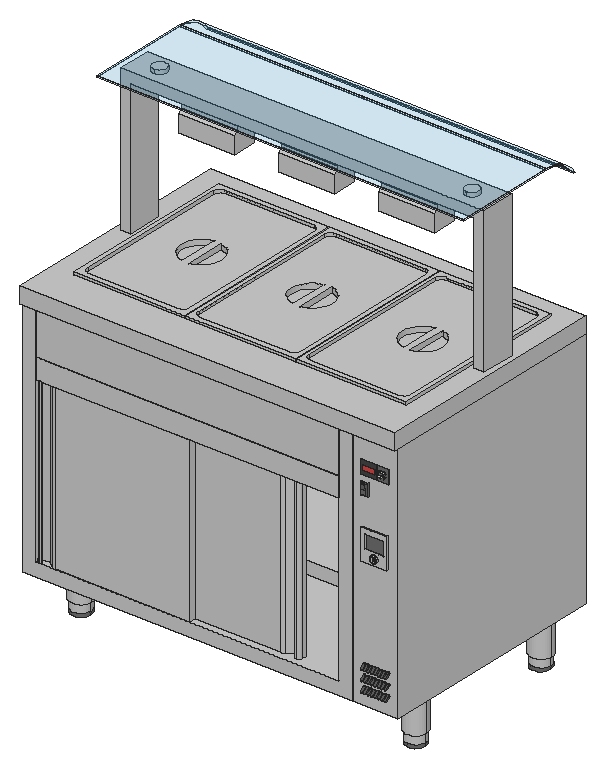
Revit family "QF_INOMAK_MJV711_250606095225", category Specialty Equipment, Revit 2021
Family settings
  Round Connector Dimension = Use Diameter
  Part Type = Normal
  OmniClass Number = 23.40.40.14
  OmniClass Title = Food Service Equipment
  Work Plane-Based = No
  Always vertical = Yes
  Cut with Voids When Loaded = No
  Shared = No
  Room Calculation Point = No
Parameters (values of type "MJV711")
  Weight [instance] = 69.0005 kg
  Waste Water Discharge Temperature [instance] = 0 °C
  Waste Remarks [instance] = ""
  Warranty Start Date [instance] = ""
  Warranty Duration [instance] = ""
  Volts [instance] = 400 V
  Volt Free Conn [instance] = no
  URL Recommended Spares List [instance] = ""
  URL Manufacturer [instance] = ""
  URL Cutsheet [instance] = ""
  URL Critical Spares List [instance] = ""
  URL = "www.inomak.com"
  Technical Documentation [instance] = ""
  Tag Number [instance] = ""
  Status [instance] = ""
  Start Up Current [instance] = 0 A
  Specification by User [instance] = ""
  Specification by Manufacturer [instance] = ""
  Sound Level [instance] = ""
  Show Logo [instance] = yes
  Show Clearances [instance] = yes
  Service Life Duration [instance] = ""
  Serial Number [instance] = ""
  Seismic Rating [instance] = ""
  SMACNA No [instance] = ""
  Revision Code [instance] = ""
  Revision [instance] = ""
  Production Year [instance] = ""
  Potential Equalisation [instance] = no
  Point Load [instance] = 0
  Plumbing Remarks [instance] = ""
  Plumbing Connection Type [instance] = ""
  Phase [instance] = 3
  Other Equipment Approvals [instance] = ""
  Operational Current [instance] = 0 A
  Odor Trap Included [instance] = no
  Number of Poles [instance] = 3
  No Load Power Draw [instance] = no
  National Water Regulation Certification [instance] = no
  NAFEM Spec ID Number [instance] = ""
  Model Warning [instance] = ""
  Model = "MJV711"
  Min Ckt Ampacity [instance] = 0 A
  Max Overcurrent Protection [instance] = 25 A
  Masterspec [instance] = ""
  Manufacturer = "INOMAK"
  Main switch integrated [instance] = no
  Length Actual [instance] = 1102.106 mm
  Item Number [instance] = ""
  Installed By [instance] = ""
  Installation Date [instance] = ""
  Indirect Waste Size [instance] = 25.4 mm
  Indirect Waste Remarks [instance] = ""
  Indirect Waste Flow [instance] = 0.0 L/s
  Indirect Waste Connection Type [instance] = ""
  Indirect Waste Connection Height [instance] = 0 mm
  Identify Quantity as Lot [instance] = no
  ID [instance] = ""
  Hygiene Approval [instance] = ""
  Height Actual [instance] = 1312.926 mm
  HP power [instance] = ""
  Furnished By [instance] = ""
  Foodservice Equipment Identifier [instance] = no
  FL Amps [instance] = 18.5 A
  Electrical Remarks [instance] = ""
  Electric power [instance] = 4230 W
  Electric Connection Type [instance] = ""
  Elec Conn RI Height [instance] = 0 mm
  Elec Conn Connection Height [instance] = 0 mm
  ETL Approved [instance] = no
  Direct Waste Water Discharge Temperature [instance] = -273.15 °C
  Direct Waste Size [instance] = 25.4 mm
  Direct Waste RI Height [instance] = 0 mm
  Direct Waste Flow [instance] = 0.0 L/s
  Direct Waste Connection Height [instance] = 0 mm
  Description = "BAIN MARIE ON HEATED CUPBOARD WITH 2 GN PANS CAPACITY AND SINGLE SNEEZE GUARD"
  Depth Actual [instance] = 700.024 mm
  Default Elevation = 0 mm
  Cycle [instance] = 50 Hz
  Cost = 0
  Connection to energy optimisation system [instance] = yes
  Conn Plug [instance] = ""
  Conn Conduit [instance] = no
  Cold Water Temperature Recommended [instance] = 0 °C
  Cold Water Size [instance] = 12.7 mm
  Cold Water Remarks [instance] = ""
  Cold Water RI Height [instance] = 0 mm
  Cold Water Quality [instance] = ""
  Cold Water Minimum Pressure [instance] = 200000.0 Pa
  Cold Water Maximum Pressure [instance] = 600000.0 Pa
  Cold Water Flow [instance] = 0.0 L/s
  Cold Water Connection Type [instance] = ""
  Cold Water Connection Height [instance] = 0 mm
  Centralized building control system with digital interface [instance] = ""
  CSI MasterFormat [instance] = ""
  CE Approved [instance] = no
  Barcode [instance] = 0
  Author [instance] = ""
  Asset Identifier [instance] = ""
  Apparent Power [instance] = 4230 VA
  Accessory [instance] = no
Reference planes
  plane 1 "Center (Front/Back)": y = 0
  plane 2: z = 0
  plane 3 "Center (Left/Right)": x = 0
Forms (mm)
  Extrusion 1, solid, not visible
    sketch origin (110.005, -510.025, 146.007) x (1, 0, 0) y (0, 1, 0)
      loop
        line (-2, 2) -> (-2, -2) -> (2, -2) -> (2, 2) -> (-2, 2)
    from -2 to 2
  Extrusion 2, solid, not visible
    sketch origin (110.005, -510.025, 146.007) x (1, 0, 0) y (0, 1, 0)
      loop
        line (-2, 2) -> (-2, -2) -> (2, -2) -> (2, 2) -> (-2, 2)
    from -2 to 2
  Extrusion 3, solid, not visible
    sketch origin (1055.051, -635.031, 146.007) x (1, 0, 0) y (0, 1, 0)
      loop
        line (-2, 2) -> (-2, -2) -> (2, -2) -> (2, 2) -> (-2, 2)
    from -2 to 2
Dimensions and locks
  locked: nested 2 to Extrusion 1 at 2  (x2)
  locked: nested 3 to Extrusion 2 at 2  (x2)
  locked: nested 4 to Extrusion 3 at 2  (x2)
  aligned and locked: level to plane 2
Nested families
  nested 1: "QF_INOMAK_CUPBOARD_BAIN_MARIES_1105_2920" at (0, 0, 144), type "MJV711"
    with Weight 69.0005 kg, Warranty Start Date "", Warranty Duration "", URL Cutsheet "", Technical Documentation "", Tag Number "", Status "", Specification by User "", Specification by Manufacturer "", Sound Level "", Solid Fuel Type "", Show Logo yes, Show Clearances yes, Service Life Duration "", Serial Number "", Seismic Rating "", SMACNA No "", Revision Code "", Revision "", Production Year "", Point Load 0, Other Equipment Approvals "", NAFEM Spec ID Number "", Model Warning "", Masterspec "", Length Actual 1102.106 mm, Item Number "", Installed By "", Installation Date "", Identify Quantity as Lot yes, ID "", Hygiene Approval "", Height Actual 1312.926 mm, Furnished By "", Foodservice Equipment Identifier yes, ETL Approved yes, Depth Actual 700.024 mm, CSI MasterFormat "", CE Approved yes, Barcode "", Author "", Asset Identifier "", Accessory no
  nested 2: "CONN_POINT_COLDWATER_2D___Generic_Annotation" at (110.005, -510.025, 144.007), type "CONN_POINT_COLDWATER_2D___Generic_Annotation"
    with Onboard connection annotation symbol visibility yes
  nested 3: "CONN_POINT_DRAIN_2D___Generic_Annotation" at (110.005, -510.025, 144.007), type "CONN_POINT_DRAIN_2D___Generic_Annotation"
    with Onboard connection annotation symbol visibility yes
  nested 4: "CONN_POINT_ELE_2D___Generic_Annotation" at (1055.051, -635.031, 144.007), type "CONN_POINT_ELE_2D___Generic_Annotation"
    with Onboard connection annotation symbol visibility yes
  nested 5: "QF_INOMAK_HEAT_WORKTOPS_HTSS_1080_4995" at (11, 0, 900), type "HTSS-1080-630"
    with Weight 0.00 kg, Warranty Start Date "", Warranty Duration "", URL Cutsheet "", Technical Documentation "", Tag Number "", Status "", Specification by User "", Specification by Manufacturer "", Sound Level "", Solid Fuel Type "", Show Logo yes, Show Clearances yes, Service Life Duration "", Serial Number "", Seismic Rating "", SMACNA No "", Revision Code "", Revision "", Production Year "", Point Load 0, Other Equipment Approvals "", NAFEM Spec ID Number "", Model Warning "", Masterspec "", Length Actual 1077.976 mm, Item Number "", Installed By "", Installation Date "", Identify Quantity as Lot yes, ID "", Hygiene Approval "", Height Actual 439.928 mm, Furnished By "", Foodservice Equipment Identifier yes, ETL Approved yes, Depth Actual 628.904 mm, CSI MasterFormat "", CE Approved yes, Barcode "", Author "", Asset Identifier "", Accessory yes
  nested 6: "QF_INOMAK_LEGS_6018" at (0, 0, 0), type "LG-1105-700"
    with Weight 0.00 kg, Warranty Start Date "", Warranty Duration "", URL Cutsheet "", Technical Documentation "", Tag Number "", Status "", Specification by User "", Specification by Manufacturer "", Sound Level "", Solid Fuel Type "", Show Logo yes, Show Clearances yes, Service Life Duration "", Serial Number "", Seismic Rating "", SMACNA No "", Revision Code "", Revision "", Production Year "", Point Load 0, Other Equipment Approvals "", NAFEM Spec ID Number "", Model Warning "", Masterspec "", Length Actual 1102.868 mm, Item Number "", Installed By "", Installation Date "", Identify Quantity as Lot yes, ID "", Hygiene Approval "", Height Actual 144.018 mm, Furnished By "", Foodservice Equipment Identifier yes, ETL Approved yes, Depth Actual 700.024 mm, CSI MasterFormat "", CE Approved yes, Barcode "", Author "", Asset Identifier "", Accessory yes
Connectors
  piping at (110.005, -510.025, 144.007), diameter 12.7, driven by "Cold Water Size", driven by "Cold Water Flow"
    settings: on Extrusion 1, index 1, connector inside diameter 609.6 mm, connector length 0 mm, flow factor 0, pipe flow 0.0 L/s, pressure drop 0.0 Pa, fitting loss kfactor 0, connector angle 0.00°, fixture units 0, engagement length 0 mm, angle of deflection 0.00°, flow configuration 1, flow direction 1, fitting loss method 0, system type 20, joint type 0, gender type 0, connector reference index -1, connector utility 0, adjustable connector no, is connector primary yes, connector description "Cold Water connection for MJV711"
  piping at (110.005, -510.025, 144.007), diameter 25.4, driven by "Indirect Waste Size", driven by "Direct Waste Flow"
    settings: on Extrusion 2, index 2, connector inside diameter 609.6 mm, connector length 0 mm, flow factor 0, pipe flow 0.0 L/s, pressure drop 0.0 Pa, fitting loss kfactor 0, connector angle 0.00°, fixture units 0, engagement length 0 mm, angle of deflection 0.00°, flow configuration 1, flow direction 2, fitting loss method 0, system type 16, joint type 0, gender type 0, connector reference index -1, connector utility 0, adjustable connector no, is connector primary no, connector description "Waste connection for MJV711"
  electrical at (1055.051, -635.031, 144.007), driven by "Apparent Power", driven by "Number of Poles", driven by "Volts"
    settings: on Extrusion 3, index 3, voltage 400 V, apparent load 0 VA, apparent load phase1 4230 VA, apparent load phase2 0 VA, apparent load phase3 0 VA, power factor 1, load classification "Other", number of poles 3, system type 31, power factor state 1, is connector primary yes, connector utility no, sub classification motor no, connector description "Electrical connection for MJV711"
Definition of nested family "QF_INOMAK_CUPBOARD_BAIN_MARIES_1105_2920"
  Parameters (values of type "MFV711")
    Weight [instance] = 0.00 kg
    Warranty Start Date [instance] = ""
    Warranty Duration [instance] = ""
    URL Cutsheet [instance] = ""
    URL = "www.inomak.com"
    Technical Documentation [instance] = ""
    Tag Number [instance] = ""
    Status [instance] = ""
    Specification by User [instance] = ""
    Specification by Manufacturer [instance] = ""
    Sound Level [instance] = ""
    Solid Fuel Type [instance] = ""
    Show Logo [instance] = yes
    Show Clearances [instance] = yes
    Service Life Duration [instance] = ""
    Serial Number [instance] = ""
    Seismic Rating [instance] = ""
    SMACNA No [instance] = ""
    Revision Code [instance] = ""
    Revision [instance] = ""
    Production Year [instance] = ""
    Point Load [instance] = 0
    Other Equipment Approvals [instance] = ""
    NAFEM Spec ID Number [instance] = ""
    Model Warning [instance] = ""
    Model = "MFV711"
    Masterspec [instance] = ""
    Manufacturer = "INOMAK"
    Length Actual [instance] = 0 mm
    Item Number [instance] = ""
    Installed By [instance] = ""
    Installation Date [instance] = ""
    Identify Quantity as Lot [instance] = yes
    ID [instance] = ""
    Hygiene Approval [instance] = ""
    Height Actual [instance] = 0 mm
    Furnished By [instance] = ""
    Foodservice Equipment Identifier [instance] = yes
    ETL Approved [instance] = yes
    Description = "BAIN MARIE ON CUPBOARD WITH 2 GN PANS CAPACITY AND SHOWCASE"
    Depth Actual [instance] = 0 mm
    Default Elevation = 0 mm
    CSI MasterFormat [instance] = ""
    CE Approved [instance] = yes
    Barcode [instance] = ""
    Author [instance] = ""
    Asset Identifier [instance] = ""
    Assembly Code = "E1090320"
    Accessory [instance] = yes
  Types (10, lengths in mm): name | Model | Description
    MFV711 | "MFV711" | "BAIN MARIE ON CUPBOARD WITH 2 GN PANS CAPACITY AND SHOWCASE"
    MVV711 | "MVV711" | "BAIN MARIE ON CUPBOARD WITH 2 GN PANS CAPACITY AND SINGLE SNEEZE GUARD"
    MFSQ711 | "MFSQ711" | "BAIN MARIE ON CUPBOARD WITH 2 GN PANS CAPACITY AND SQUARE SHOWCASE"
    MHV711 | "MHV711" | "BAIN MARIE ON HEATED CUPBOARD WITH 2 GN PANS CAPACITY"
    MDV711 | "MDV711" | "BAIN MARIE ON CUPBOARD WITH 2 GN PANS CAPACITY"
    MRV711 | "MRV711" | "BAIN MARIE ON CUPBOARD WITH 2 GN PANS CAPACITY AND DOUBLE SNEEZE GUARD"
    MIV711 | "MIV711" | "BAIN MARIE ON HEATED CUPBOARD WITH 2 GN PANS CAPACITY AND SHOWCASE"
    MJV711 | "MJV711" | "BAIN MARIE ON HEATED CUPBOARD WITH 2 GN PANS CAPACITY AND SINGLE SNEEZE GUARD"
    MQV711 | "MQV711" | "BAIN MARIE ON HEATED CUPBOARD WITH 2 GN PANS CAPACITY AND DOUBLE SNEEZE GUARD"
    MISQ711 | "MISQ711" | "BAIN MARIE ON HEATED CUPBOARD WITH 2 GN PANS CAPACITY AND SQUARE SHOWCASE"
  Reference planes
    plane 1 "Back": y = 0
    plane 2: z = 0
    plane 3 "Left": x = 0
    plane 4 "Right": x = 1102
    plane 5 "Front": y = -700
    plane 6 "Top": z = 756
  Forms (mm)
    Extrusion 1, solid
      sketch origin (479.783, -707, -123.631) x (-1, 0, 0) y (0, 0, 1)
        loop
          arc (-522.253, 235.165) -> (-526.351, 236.263) -> (-527.449, 232.165) r 3
          line (-527.449, 232.165) -> (-518.449, 216.577)
          arc (-518.449, 216.577) -> (-514.351, 215.479) -> (-513.253, 219.577) r 3
          line (-513.253, 219.577) -> (-522.253, 235.165)
        loop
          arc (-532.253, 235.165) -> (-536.351, 236.263) -> (-537.449, 232.165) r 3
          line (-537.449, 232.165) -> (-528.449, 216.577)
          arc (-528.449, 216.577) -> (-524.351, 215.479) -> (-523.253, 219.577) r 3
          line (-523.253, 219.577) -> (-532.253, 235.165)
        loop
          arc (-542.253, 235.165) -> (-546.351, 236.263) -> (-547.449, 232.165) r 3
          line (-547.449, 232.165) -> (-538.449, 216.577)
          arc (-538.449, 216.577) -> (-534.351, 215.479) -> (-533.253, 219.577) r 3
          line (-533.253, 219.577) -> (-542.253, 235.165)
        loop
          arc (-552.253, 235.165) -> (-556.351, 236.263) -> (-557.449, 232.165) r 3
          line (-557.449, 232.165) -> (-548.449, 216.577)
          arc (-548.449, 216.577) -> (-544.351, 215.479) -> (-543.253, 219.577) r 3
          line (-543.253, 219.577) -> (-552.253, 235.165)
        loop
          arc (-562.253, 235.165) -> (-566.351, 236.263) -> (-567.449, 232.165) r 3
          line (-567.449, 232.165) -> (-558.449, 216.577)
          arc (-558.449, 216.577) -> (-554.351, 215.479) -> (-553.253, 219.577) r 3
          line (-553.253, 219.577) -> (-562.253, 235.165)
        loop
          arc (-572.253, 235.165) -> (-576.351, 236.263) -> (-577.449, 232.165) r 3
          line (-577.449, 232.165) -> (-568.449, 216.577)
          arc (-568.449, 216.577) -> (-564.351, 215.479) -> (-563.253, 219.577) r 3
          line (-563.253, 219.577) -> (-572.253, 235.165)
        loop
          arc (-582.253, 235.165) -> (-586.351, 236.263) -> (-587.449, 232.165) r 3
          line (-587.449, 232.165) -> (-578.449, 216.577)
          arc (-578.449, 216.577) -> (-574.351, 215.479) -> (-573.253, 219.577) r 3
          line (-573.253, 219.577) -> (-582.253, 235.165)
        loop
          arc (-592.253, 235.165) -> (-596.351, 236.263) -> (-597.449, 232.165) r 3
          line (-597.449, 232.165) -> (-588.449, 216.577)
          arc (-588.449, 216.577) -> (-584.351, 215.479) -> (-583.253, 219.577) r 3
          line (-583.253, 219.577) -> (-592.253, 235.165)
        loop
          arc (-522.253, 205.165) -> (-526.351, 206.263) -> (-527.449, 202.165) r 3
          line (-527.449, 202.165) -> (-518.449, 186.577)
          arc (-518.449, 186.577) -> (-514.351, 185.479) -> (-513.253, 189.577) r 3
          line (-513.253, 189.577) -> (-522.253, 205.165)
        loop
          arc (-532.253, 205.165) -> (-536.351, 206.263) -> (-537.449, 202.165) r 3
          line (-537.449, 202.165) -> (-528.449, 186.577)
          arc (-528.449, 186.577) -> (-524.351, 185.479) -> (-523.253, 189.577) r 3
          line (-523.253, 189.577) -> (-532.253, 205.165)
        loop
          arc (-542.253, 205.165) -> (-546.351, 206.263) -> (-547.449, 202.165) r 3
          line (-547.449, 202.165) -> (-538.449, 186.577)
          arc (-538.449, 186.577) -> (-534.351, 185.479) -> (-533.253, 189.577) r 3
          line (-533.253, 189.577) -> (-542.253, 205.165)
        loop
          arc (-552.253, 205.165) -> (-556.351, 206.263) -> (-557.449, 202.165) r 3
          line (-557.449, 202.165) -> (-548.449, 186.577)
          arc (-548.449, 186.577) -> (-544.351, 185.479) -> (-543.253, 189.577) r 3
          line (-543.253, 189.577) -> (-552.253, 205.165)
        loop
          arc (-562.253, 205.165) -> (-566.351, 206.263) -> (-567.449, 202.165) r 3
          line (-567.449, 202.165) -> (-558.449, 186.577)
          arc (-558.449, 186.577) -> (-554.351, 185.479) -> (-553.253, 189.577) r 3
          line (-553.253, 189.577) -> (-562.253, 205.165)
        loop
          arc (-572.253, 205.165) -> (-576.351, 206.263) -> (-577.449, 202.165) r 3
          line (-577.449, 202.165) -> (-568.449, 186.577)
          arc (-568.449, 186.577) -> (-564.351, 185.479) -> (-563.253, 189.577) r 3
          line (-563.253, 189.577) -> (-572.253, 205.165)
        loop
          arc (-582.253, 205.165) -> (-586.351, 206.263) -> (-587.449, 202.165) r 3
          line (-587.449, 202.165) -> (-578.449, 186.577)
          arc (-578.449, 186.577) -> (-574.351, 185.479) -> (-573.253, 189.577) r 3
          line (-573.253, 189.577) -> (-582.253, 205.165)
        loop
          arc (-592.253, 205.165) -> (-596.351, 206.263) -> (-597.449, 202.165) r 3
          line (-597.449, 202.165) -> (-588.449, 186.577)
          arc (-588.449, 186.577) -> (-584.351, 185.479) -> (-583.253, 189.577) r 3
          line (-583.253, 189.577) -> (-592.253, 205.165)
        loop
          arc (-522.253, 175.165) -> (-526.351, 176.263) -> (-527.449, 172.165) r 3
          line (-527.449, 172.165) -> (-518.449, 156.577)
          arc (-518.449, 156.577) -> (-514.351, 155.479) -> (-513.253, 159.577) r 3
          line (-513.253, 159.577) -> (-522.253, 175.165)
        loop
          arc (-532.253, 175.165) -> (-536.351, 176.263) -> (-537.449, 172.165) r 3
          line (-537.449, 172.165) -> (-528.449, 156.577)
          arc (-528.449, 156.577) -> (-524.351, 155.479) -> (-523.253, 159.577) r 3
          line (-523.253, 159.577) -> (-532.253, 175.165)
        loop
          arc (-542.253, 175.165) -> (-546.351, 176.263) -> (-547.449, 172.165) r 3
          line (-547.449, 172.165) -> (-538.449, 156.577)
          arc (-538.449, 156.577) -> (-534.351, 155.479) -> (-533.253, 159.577) r 3
          line (-533.253, 159.577) -> (-542.253, 175.165)
        loop
          arc (-552.253, 175.165) -> (-556.351, 176.263) -> (-557.449, 172.165) r 3
          line (-557.449, 172.165) -> (-548.449, 156.577)
          arc (-548.449, 156.577) -> (-544.351, 155.479) -> (-543.253, 159.577) r 3
          line (-543.253, 159.577) -> (-552.253, 175.165)
        loop
          arc (-562.253, 175.165) -> (-566.351, 176.263) -> (-567.449, 172.165) r 3
          line (-567.449, 172.165) -> (-558.449, 156.577)
          arc (-558.449, 156.577) -> (-554.351, 155.479) -> (-553.253, 159.577) r 3
          line (-553.253, 159.577) -> (-562.253, 175.165)
        loop
          arc (-572.253, 175.165) -> (-576.351, 176.263) -> (-577.449, 172.165) r 3
          line (-577.449, 172.165) -> (-568.449, 156.577)
          arc (-568.449, 156.577) -> (-564.351, 155.479) -> (-563.253, 159.577) r 3
          line (-563.253, 159.577) -> (-572.253, 175.165)
        loop
          arc (-582.253, 175.165) -> (-586.351, 176.263) -> (-587.449, 172.165) r 3
          line (-587.449, 172.165) -> (-578.449, 156.577)
          arc (-578.449, 156.577) -> (-574.351, 155.479) -> (-573.253, 159.577) r 3
          line (-573.253, 159.577) -> (-582.253, 175.165)
        loop
          arc (-592.253, 175.165) -> (-596.351, 176.263) -> (-597.449, 172.165) r 3
          line (-597.449, 172.165) -> (-588.449, 156.577)
          arc (-588.449, 156.577) -> (-584.351, 155.479) -> (-583.253, 159.577) r 3
          line (-583.253, 159.577) -> (-592.253, 175.165)
      from 16.5 to 18.5
    Extrusion 2, solid
      sketch origin (787.766, -692, 538.514) x (-1, 0, 0) y (0, 0, 1)
        loop
          line (-208.234, 108.408) -> (-253.234, 108.408) -> (-253.234, 68.408) -> (-208.234, 68.408) -> (-208.234, 108.408)
      from 0 to 2
    Extrusion 3, solid
      sketch origin (66, -693, 539.422) x (-1, 0, 0) y (0, 0, 1)
        loop
          line (-950, 15) -> (-930, 15) -> (-930, 50) -> (-950, 50) -> (-950, 15)
      from 0 to 3
    Extrusion 4, solid
      sketch origin (94, -568, 539.422) x (0, 1, 0) y (0, 0, 1)
        loop
          line (-125, 18) -> (-125, 47)
          arc (-125, 47) -> (-127.961, 46.812) -> (-130.754, 45.81) r 10.576
          line (-130.754, 45.81) -> (-128, 32.5) -> (-128, 18) -> (-125, 18)
      from 905 to 919
    Extrusion 5, solid
      sketch origin (832.766, -692, 538.514) x (-1, 0, 0) y (0, 0, 1)
        loop
          line (-208.234, 108.408) -> (-243.234, 108.408) -> (-243.234, 68.408) -> (-208.234, 68.408) -> (-208.234, 108.408)
      from 0 to 2
    Extrusion 6, solid
      sketch origin (787.766, -692.5, 538.514) x (-1, 0, 0) y (0, 0, 1)
        loop
          line (-213.234, 94.908) -> (-248.234, 94.908) -> (-248.234, 81.908) -> (-213.234, 81.908) -> (-213.234, 94.908)
      from 0 to 2.5
    Extrusion 7, solid
      sketch origin (787.766, -692.5, 538.514) x (-1, 0, 0) y (0, 0, 1)
        loop
          line (-271.558, 91.171) -> (-275.802, 98.522) -> (-280.047, 91.171) -> (-271.558, 91.171)
        loop
          line (-271.558, 85.645) -> (-280.047, 85.645) -> (-275.802, 78.294) -> (-271.558, 85.645)
        loop
          line (-257.397, 85.645) -> (-267.397, 85.645) -> (-267.397, 78.294) -> (-257.397, 78.294) -> (-257.397, 85.645)
        loop
          line (-265.397, 98.522) -> (-267.397, 98.522) -> (-267.397, 92.322) -> (-259.549, 92.322) -> (-259.549, 91.171) -> (-257.397, 93.322) -> (-259.549, 95.474) -> (-259.549, 94.322) -> (-265.397, 94.322) -> (-265.397, 98.522)
      from 0 to 2.5
    Extrusion 8, solid
      sketch origin (8.5, 0, 492) x (1, 0, 0) y (0, 1, 0)
        loop
          line (55, -50) -> (55, -580) -> (380, -580) -> (380, -50) -> (55, -50)
        loop
          arc (87.5, -65) -> (73.358, -70.858) -> (67.5, -85) r 20
          line (67.5, -85) -> (67.5, -545.415)
          arc (67.5, -545.415) -> (73.358, -559.557) -> (87.5, -565.415) r 20
          line (87.5, -565.415) -> (347.5, -565.415)
          arc (347.5, -565.415) -> (361.642, -559.557) -> (367.5, -545.415) r 20
          line (367.5, -545.415) -> (367.5, -85)
          arc (367.5, -85) -> (361.642, -70.858) -> (347.5, -65) r 20
          line (347.5, -65) -> (87.5, -65)
      from 218 to 270
    Extrusion 9, solid
      sketch origin (8.5, 0, 485) x (1, 0, 0) y (0, 1, 0)
        loop
          arc (67.5, -545.415) -> (73.358, -559.557) -> (87.5, -565.415) r 20
          line (87.5, -565.415) -> (347.5, -565.415)
          arc (347.5, -565.415) -> (361.642, -559.557) -> (367.5, -545.415) r 20
          line (367.5, -545.415) -> (367.5, -85)
          arc (367.5, -85) -> (361.642, -70.858) -> (347.5, -65) r 20
          line (347.5, -65) -> (87.5, -65)
          arc (87.5, -65) -> (73.358, -70.858) -> (67.5, -85) r 20
          line (67.5, -85) -> (67.5, -545.415)
      from 225 to 270
    Extrusion 10, void
      sketch origin (8.5, 0, 500) x (1, 0, 0) y (0, 1, 0)
        loop
          arc (207.5, -256.046) -> (157.5, -315.207) -> (207.5, -374.368) r 60
          line (207.5, -374.368) -> (207.5, -256.046)
        loop
          line (227.5, -256.046) -> (227.5, -374.368)
          arc (227.5, -374.368) -> (277.5, -315.207) -> (227.5, -256.046) r 60
      from 240 to 270
    Extrusion 11, solid
      sketch origin (333.5, 0, 492) x (1, 0, 0) y (0, 1, 0)
        loop
          line (55, -50) -> (55, -580) -> (380, -580) -> (380, -50) -> (55, -50)
        loop
          arc (87.5, -65) -> (73.358, -70.858) -> (67.5, -85) r 20
          line (67.5, -85) -> (67.5, -545.415)
          arc (67.5, -545.415) -> (73.358, -559.557) -> (87.5, -565.415) r 20
          line (87.5, -565.415) -> (347.5, -565.415)
          arc (347.5, -565.415) -> (361.642, -559.557) -> (367.5, -545.415) r 20
          line (367.5, -545.415) -> (367.5, -85)
          arc (367.5, -85) -> (361.642, -70.858) -> (347.5, -65) r 20
          line (347.5, -65) -> (87.5, -65)
      from 218 to 270
    Extrusion 12, solid
      sketch origin (333.5, 0, 485) x (1, 0, 0) y (0, 1, 0)
        loop
          arc (67.5, -545.415) -> (73.358, -559.557) -> (87.5, -565.415) r 20
          line (87.5, -565.415) -> (347.5, -565.415)
          arc (347.5, -565.415) -> (361.642, -559.557) -> (367.5, -545.415) r 20
          line (367.5, -545.415) -> (367.5, -85)
          arc (367.5, -85) -> (361.642, -70.858) -> (347.5, -65) r 20
          line (347.5, -65) -> (87.5, -65)
          arc (87.5, -65) -> (73.358, -70.858) -> (67.5, -85) r 20
          line (67.5, -85) -> (67.5, -545.415)
      from 225 to 270
    Extrusion 13, void
      sketch origin (333.5, 0, 500) x (1, 0, 0) y (0, 1, 0)
        loop
          arc (207.5, -256.046) -> (157.5, -315.207) -> (207.5, -374.368) r 60
          line (207.5, -374.368) -> (207.5, -256.046)
        loop
          line (227.5, -256.046) -> (227.5, -374.368)
          arc (227.5, -374.368) -> (277.5, -315.207) -> (227.5, -256.046) r 60
      from 240 to 270
    Extrusion 14, solid
      sketch origin (658.5, 0, 492) x (1, 0, 0) y (0, 1, 0)
        loop
          line (55, -50) -> (55, -580) -> (380, -580) -> (380, -50) -> (55, -50)
        loop
          arc (87.5, -65) -> (73.358, -70.858) -> (67.5, -85) r 20
          line (67.5, -85) -> (67.5, -545.415)
          arc (67.5, -545.415) -> (73.358, -559.557) -> (87.5, -565.415) r 20
          line (87.5, -565.415) -> (347.5, -565.415)
          arc (347.5, -565.415) -> (361.642, -559.557) -> (367.5, -545.415) r 20
          line (367.5, -545.415) -> (367.5, -85)
          arc (367.5, -85) -> (361.642, -70.858) -> (347.5, -65) r 20
          line (347.5, -65) -> (87.5, -65)
      from 218 to 270
    Extrusion 15, solid
      sketch origin (658.5, 0, 485) x (1, 0, 0) y (0, 1, 0)
        loop
          arc (67.5, -545.415) -> (73.358, -559.557) -> (87.5, -565.415) r 20
          line (87.5, -565.415) -> (347.5, -565.415)
          arc (347.5, -565.415) -> (361.642, -559.557) -> (367.5, -545.415) r 20
          line (367.5, -545.415) -> (367.5, -85)
          arc (367.5, -85) -> (361.642, -70.858) -> (347.5, -65) r 20
          line (347.5, -65) -> (87.5, -65)
          arc (87.5, -65) -> (73.358, -70.858) -> (67.5, -85) r 20
          line (67.5, -85) -> (67.5, -545.415)
      from 225 to 270
    Extrusion 16, void
      sketch origin (658.5, 0, 500) x (1, 0, 0) y (0, 1, 0)
        loop
          arc (207.5, -256.046) -> (157.5, -315.207) -> (207.5, -374.368) r 60
          line (207.5, -374.368) -> (207.5, -256.046)
        loop
          line (227.5, -256.046) -> (227.5, -374.368)
          arc (227.5, -374.368) -> (277.5, -315.207) -> (227.5, -256.046) r 60
      from 240 to 270
    Extrusion 17, solid
      sketch origin (0, 0, 710) x (1, 0, 0) y (0, 1, 0)
        loop
          line (0, 0) -> (0, -700) -> (1102, -700) -> (1102, 0) -> (0, 0)
        loop
          line (63.5, -50) -> (63.5, -580) -> (1038.5, -580) -> (1038.5, -50) -> (63.5, -50)
      from 0 to 46
    Extrusion 18, solid
      sketch origin (0, 0, 0) x (1, 0, 0) y (0, 1, 0)
        loop
          line (0, -690) -> (40, -690) -> (40, -40) -> (930, -40) -> (930, -690) -> (970, -690) -> (970, 0) -> (0, 0) -> (0, -690)
      from 0 to 710
    Extrusion 19, solid
      sketch origin (-1.5, 0, 0) x (1, 0, 0) y (0, 1, 0)
        loop
          line (971.5, 0) -> (971.5, -690) -> (1103.5, -690) -> (1103.5, 0) -> (971.5, 0)
      from 0 to 710
    Extrusion 20, solid
      sketch origin (-130, -690, 0) x (-1, 0, 0) y (0, 1, 0)
        loop
          line (-170, 10) -> (-170, 20) -> (-620, 20) -> (-620, 0) -> (-226.156, 0)
          arc (-226.156, 0) -> (-220.272, 0.885) -> (-214.91, 3.461) r 20
          line (-214.91, 3.461) -> (-195, 17) -> (-173, 17) -> (-173, 10)
          arc (-173, 10) -> (-175.05, 5.05) -> (-180, 3) r 7
          line (-180, 3) -> (-185.012, 3) -> (-185.012, 0) -> (-180, 0)
          arc (-180, 0) -> (-172.929, 2.929) -> (-170, 10) r 10
      from -40 to -520
    Extrusion 21, solid
      sketch origin (-131.5, -690, 0) x (-1, 0, 0) y (0, 1, 0)
        loop
          arc (-930, 30) -> (-927.071, 22.929) -> (-920, 20) r 10
          line (-920, 20) -> (-914.988, 20) -> (-914.988, 23) -> (-920, 23)
          arc (-920, 23) -> (-924.95, 25.05) -> (-927, 30) r 7
          line (-927, 30) -> (-927, 37) -> (-905, 37) -> (-885.09, 23.461)
          arc (-885.09, 23.461) -> (-879.728, 20.885) -> (-873.844, 20) r 20
          line (-873.844, 20) -> (-480, 20) -> (-480, 40) -> (-930, 40) -> (-930, 30)
      from -40 to -520
    Extrusion 22, solid
      sketch origin (0, 0, 0) x (1, 0, 0) y (0, 1, 0)
        loop
          line (40, -40) -> (40, -690) -> (930, -690) -> (930, -40) -> (40, -40)
      from 0 to 40
    Extrusion 23, solid
      sketch origin (0.5, 0, 672.314) x (1, 0, 0) y (0, 1, 0)
        loop
          line (39.5, -40) -> (39.5, -690) -> (929.5, -690) -> (929.5, -40) -> (39.5, -40)
      from -92.314 to 37.686
    Extrusion 24, solid
      sketch origin (0, 0, 610.314) x (1, 0, 0) y (0, 1, 0)
        loop
          line (40, -40) -> (40, -690) -> (930, -690) -> (930, -40) -> (40, -40)
      from -90.314 to -30.314
    Extrusion 25, solid
      sketch origin (-1.5, 0, 255) x (1, 0, 0) y (0, 1, 0)
        loop
          line (41.5, -40) -> (41.5, -645) -> (931.5, -645) -> (931.5, -40) -> (41.5, -40)
      from 0 to 35
    Extrusion 26, solid
      sketch origin (5.502, -695, 50) x (-1, 0, 0) y (0, 0, 1)
        loop
          line (-992.998, 421.076) -> (-1067.998, 421.076) -> (-1067.998, 331.076) -> (-992.998, 331.076) -> (-992.998, 421.076)
        loop
          line (-1003.957, 406.276) -> (-1058.957, 406.276) -> (-1058.957, 366.276) -> (-1003.957, 366.276) -> (-1003.957, 406.276)
      from 0 to 5
    Extrusion 27, solid
      sketch origin (5.502, -692, 50) x (-1, 0, 0) y (0, 0, 1)
        loop
          line (-1003.957, 406.276) -> (-1058.957, 406.276) -> (-1058.957, 366.276) -> (-1003.957, 366.276) -> (-1003.957, 406.276)
      from 0 to 2
    Revolve 28, solid
      sketch origin (1036, 59.612, -3292.415) x (0, 1, 0) y (0, 0, 1)
        loop
          line (-757.012, 3691.152) -> (-754.612, 3691.152) -> (-754.612, 3701.789) -> (-757.662, 3701.789) -> (-759.012, 3699.998) -> (-757.012, 3699.998) -> (-757.012, 3691.152)
        axis (-754.612, 3691.152) -> (-759.012, 3691.152)
      angle from 0 to 360
    Extrusion 29, solid
      sketch origin (-1055.627, -695, 2689.585) x (-1, 0, 0) y (0, 0, 1)
        loop
          line (-2090.827, -2287.348) -> (-2092.827, -2287.348) -> (-2092.827, -2294.348) -> (-2090.827, -2294.348) -> (-2090.827, -2287.348)
        loop
          circle (-2091.627, -2290.848) r 7.846
      from -4.4 to -2.4
  Cuts and joins
    Extrusion 10, Extrusion 13 cuts Extrusion 9
    Extrusion 13, Extrusion 16 cuts Extrusion 12
    Extrusion 16 cuts Extrusion 15
    joined: Extrusion 18, Extrusion 22
  Lines and regions (mm)
    symbolic lines
      curve 1: line (0, 0, 0) -> (1102, 0, 0)
      curve 2: line (0, -700, 0) -> (0, 0, 0)
      curve 3: line (1102, -700, 0) -> (0, -700, 0)
      curve 4: line (1102, 0, 0) -> (1102, -700, 0)
      curve 5: line (63.5, -50, 0) -> (1038.5, -50, 0)
      curve 6: line (63.5, -580, 0) -> (63.5, -50, 0)
      curve 7: line (1038.5, -580, 0) -> (63.5, -580, 0)
      curve 8: line (713.5, -50, 0) -> (713.5, -580, 0)
      curve 9: line (388.5, -50, 0) -> (388.5, -580, 0)
      curve 10: line (1038.5, -50, 0) -> (1038.5, -580, 0)
      curve 11: line (96, -65, 0) -> (356, -65, 0)
      curve 12: arc (76, -85, 0) -> (81.858, -70.858, 0) -> (96, -65, 0) r 20
      curve 13: line (76, -545.415, 0) -> (76, -85, 0)
      curve 14: arc (96, -565.415, 0) -> (81.858, -559.557, 0) -> (76, -545.415, 0) r 20
      curve 15: line (356, -565.415, 0) -> (96, -565.415, 0)
      curve 16: arc (376, -545.415, 0) -> (370.142, -559.557, 0) -> (356, -565.415, 0) r 20
      curve 17: line (376, -85, 0) -> (376, -545.415, 0)
      curve 18: arc (356, -65, 0) -> (370.142, -70.858, 0) -> (376, -85, 0) r 20
      curve 19: arc (216, -256.046, 0) -> (166, -315.207, 0) -> (216, -374.368, 0) r 60
      curve 20: line (216, -374.368, 0) -> (216, -256.046, 0)
      curve 21: line (236, -256.046, 0) -> (236, -374.368, 0)
      curve 22: arc (236, -374.368, 0) -> (286, -315.207, 0) -> (236, -256.046, 0) r 60
      curve 23: arc (401, -85, 0) -> (406.858, -70.858, 0) -> (421, -65, 0) r 20
      curve 24: line (421, -65, 0) -> (681, -65, 0)
      curve 25: arc (681, -65, 0) -> (695.142, -70.858, 0) -> (701, -85, 0) r 20
      curve 26: line (701, -85, 0) -> (701, -545.415, 0)
      curve 27: arc (701, -545.415, 0) -> (695.142, -559.557, 0) -> (681, -565.415, 0) r 20
      curve 28: line (681, -565.415, 0) -> (421, -565.415, 0)
      curve 29: arc (421, -565.415, 0) -> (406.858, -559.557, 0) -> (401, -545.415, 0) r 20
      curve 30: line (401, -545.415, 0) -> (401, -85, 0)
      curve 31: arc (541, -256.046, 0) -> (491, -315.207, 0) -> (541, -374.368, 0) r 60
      curve 32: line (541, -374.368, 0) -> (541, -256.046, 0)
      curve 33: line (561, -256.046, 0) -> (561, -374.368, 0)
      curve 34: arc (561, -374.368, 0) -> (611, -315.207, 0) -> (561, -256.046, 0) r 60
      curve 35: line (746, -65, 0) -> (1006, -65, 0)
      curve 36: arc (1006, -65, 0) -> (1020.142, -70.858, 0) -> (1026, -85, 0) r 20
      curve 37: line (1026, -85, 0) -> (1026, -545.415, 0)
      curve 38: arc (1026, -545.415, 0) -> (1020.142, -559.557, 0) -> (1006, -565.415, 0) r 20
      curve 39: line (1006, -565.415, 0) -> (746, -565.415, 0)
      curve 40: arc (746, -565.415, 0) -> (731.858, -559.557, 0) -> (726, -545.415, 0) r 20
      curve 41: line (726, -545.415, 0) -> (726, -85, 0)
      curve 42: arc (726, -85, 0) -> (731.858, -70.858, 0) -> (746, -65, 0) r 20
      curve 43: arc (866, -256.046, 0) -> (816, -315.207, 0) -> (866, -374.368, 0) r 60
      curve 44: line (866, -374.368, 0) -> (866, -256.046, 0)
      curve 45: line (886, -256.046, 0) -> (886, -374.368, 0)
      curve 46: arc (886, -374.368, 0) -> (936, -315.207, 0) -> (886, -256.046, 0) r 60
  Dimensions and locks
    plane 3 "Left" to plane 4 "Right" = 1102 mm
    plane 5 "Front" to plane 1 "Back" = 700 mm
    plane 6 "Top" to plane 2 = 756 mm
    aligned and locked: level to plane 2
Definition of nested family "QF_INOMAK_HEAT_WORKTOPS_HTSS_1080_4995"
  Parameters (values of type "HTSS-1080-630")
    Weight [instance] = 0.00 kg
    Warranty Start Date [instance] = ""
    Warranty Duration [instance] = ""
    URL Cutsheet [instance] = ""
    URL = "www.inomak.com"
    Technical Documentation [instance] = ""
    Tag Number [instance] = ""
    Status [instance] = ""
    Specification by User [instance] = ""
    Specification by Manufacturer [instance] = ""
    Sound Level [instance] = ""
    Solid Fuel Type [instance] = ""
    Show Logo [instance] = yes
    Show Clearances [instance] = yes
    Service Life Duration [instance] = ""
    Serial Number [instance] = ""
    Seismic Rating [instance] = ""
    SMACNA No [instance] = ""
    Revision Code [instance] = ""
    Revision [instance] = ""
    Production Year [instance] = ""
    Point Load [instance] = 0
    Other Equipment Approvals [instance] = ""
    NAFEM Spec ID Number [instance] = ""
    Model Warning [instance] = ""
    Model = "HTSS"
    Masterspec [instance] = ""
    Manufacturer = "INOMAK"
    Length Actual [instance] = 0 mm
    Item Number [instance] = ""
    Installed By [instance] = ""
    Installation Date [instance] = ""
    Identify Quantity as Lot [instance] = yes
    ID [instance] = ""
    Hygiene Approval [instance] = ""
    Height Actual [instance] = 0 mm
    Furnished By [instance] = ""
    Foodservice Equipment Identifier [instance] = yes
    ETL Approved [instance] = yes
    Description = "SINGLE SNEEZE GUARD"
    Depth Actual [instance] = 0 mm
    Default Elevation = 0 mm
    CSI MasterFormat [instance] = ""
    CE Approved [instance] = yes
    Barcode [instance] = ""
    Author [instance] = ""
    Asset Identifier [instance] = ""
    Assembly Code = "E1090320"
    Accessory [instance] = yes
  Reference planes
    plane 1 "Back": y = 0
    plane 2: z = 0
    plane 3 "Left": x = 0
    plane 4 "Right": x = 1078
    plane 5 "Front": y = -629
    plane 6 "Top": z = 440
  Forms (mm)
    Extrusion 1, solid
      sketch origin (1080, 0, -833) x (0, -1, 0) y (0, 0, 1)
        loop
          line (20, 1213.94) -> (25.993, 1213.94)
          arc (25.993, 1213.94) -> (70.349, 1253.652) -> (128.129, 1268) r 123.514
          line (128.129, 1268) -> (432.8, 1268) -> (432.8, 1273) -> (128.129, 1273)
          arc (128.129, 1273) -> (66.526, 1257.273) -> (20, 1213.94) r 128.514
      from 2 to 1080
    Extrusion 2, solid
      sketch origin (0, -695.221, -833) x (-1, 0, 0) y (0, 0, 1)
        loop
          line (-5, 833) -> (-5, 1258) -> (-1073, 1258) -> (-1073, 833) -> (-1043, 833) -> (-1043, 1228) -> (-35, 1228) -> (-35, 833) -> (-5, 833)
      from 345.221 to 445.221
    Extrusion 3, solid
      sketch origin (0, 1874.578, 40) x (0, 1, 0) y (-1, 0, 0)
        loop
          circle (-2174.578, -80) r 20
      from 385 to 395
    Extrusion 4, solid
      sketch origin (-2, 1874.578, 40) x (0, 1, 0) y (-1, 0, 0)
        loop
          circle (-2174.578, -1000) r 20
      from 385 to 395
    Extrusion 5, solid
      sketch origin (152.75, 0, 0) x (0, 1, 0) y (0, 0, 1)
        loop
          line (-265, 395) -> (-335, 395) -> (-335, 385) -> (-324.393, 374.393) -> (-275.607, 374.393) -> (-265, 385) -> (-265, 395)
      from 10 to 175
    Extrusion 6, solid
      sketch origin (162.75, 0, 0) x (0, 1, 0) y (0, 0, 1)
        loop
          line (-275.607, 374.393) -> (-324.393, 374.393) -> (-324.393, 364.393) -> (-335, 353.787) -> (-335, 305) -> (-265, 305) -> (-265, 353.787) -> (-275.607, 364.393) -> (-275.607, 374.393)
      from 0 to 5
    Extrusion 7, solid
      sketch origin (167.75, 0, 0) x (0, 1, 0) y (0, 0, 1)
        loop
          line (-275.607, 374.393) -> (-324.393, 374.393) -> (-324.393, 364.393) -> (-335, 353.787) -> (-335, 305) -> (-330, 305) -> (-330, 348.787) -> (-270, 348.787) -> (-270, 305) -> (-265, 305) -> (-265, 353.787) -> (-275.607, 364.393) -> (-275.607, 374.393)
      from 0 to 155
    Extrusion 8, solid
      sketch origin (322.75, 0, 0) x (0, 1, 0) y (0, 0, 1)
        loop
          line (-275.607, 374.393) -> (-324.393, 374.393) -> (-324.393, 364.393) -> (-335, 353.787) -> (-335, 305) -> (-265, 305) -> (-265, 353.787) -> (-275.607, 364.393) -> (-275.607, 374.393)
      from 0 to 5
    Extrusion 9, solid
      sketch origin (446.5, 0, 0) x (0, 1, 0) y (0, 0, 1)
        loop
          line (-265, 395) -> (-335, 395) -> (-335, 385) -> (-324.393, 374.393) -> (-275.607, 374.393) -> (-265, 385) -> (-265, 395)
      from 10 to 175
    Extrusion 10, solid
      sketch origin (456.5, 0, 0) x (0, 1, 0) y (0, 0, 1)
        loop
          line (-275.607, 374.393) -> (-324.393, 374.393) -> (-324.393, 364.393) -> (-335, 353.787) -> (-335, 305) -> (-265, 305) -> (-265, 353.787) -> (-275.607, 364.393) -> (-275.607, 374.393)
      from 0 to 5
    Extrusion 11, solid
      sketch origin (461.5, 0, 0) x (0, 1, 0) y (0, 0, 1)
        loop
          line (-275.607, 374.393) -> (-324.393, 374.393) -> (-324.393, 364.393) -> (-335, 353.787) -> (-335, 305) -> (-330, 305) -> (-330, 348.787) -> (-270, 348.787) -> (-270, 305) -> (-265, 305) -> (-265, 353.787) -> (-275.607, 364.393) -> (-275.607, 374.393)
      from 0 to 155
    Extrusion 12, solid
      sketch origin (616.5, 0, 0) x (0, 1, 0) y (0, 0, 1)
        loop
          line (-275.607, 374.393) -> (-324.393, 374.393) -> (-324.393, 364.393) -> (-335, 353.787) -> (-335, 305) -> (-265, 305) -> (-265, 353.787) -> (-275.607, 364.393) -> (-275.607, 374.393)
      from 0 to 5
    Extrusion 13, solid
      sketch origin (925.25, 0, 0) x (0, 1, 0) y (0, 0, -1)
        loop
          line (-265, -395) -> (-265, -385) -> (-275.607, -374.393) -> (-324.393, -374.393) -> (-335, -385) -> (-335, -395) -> (-265, -395)
      from 10 to 175
    Extrusion 14, solid
      sketch origin (915.25, 0, 0) x (0, 1, 0) y (0, 0, -1)
        loop
          line (-275.607, -374.393) -> (-275.607, -364.393) -> (-265, -353.787) -> (-265, -305) -> (-335, -305) -> (-335, -353.787) -> (-324.393, -364.393) -> (-324.393, -374.393) -> (-275.607, -374.393)
      from 0 to 5
    Extrusion 15, solid
      sketch origin (910.25, 0, 0) x (0, 1, 0) y (0, 0, -1)
        loop
          line (-275.607, -374.393) -> (-275.607, -364.393) -> (-265, -353.787) -> (-265, -305) -> (-270, -305) -> (-270, -348.787) -> (-330, -348.787) -> (-330, -305) -> (-335, -305) -> (-335, -353.787) -> (-324.393, -364.393) -> (-324.393, -374.393) -> (-275.607, -374.393)
      from 0 to 155
    Extrusion 16, solid
      sketch origin (755.25, 0, 0) x (0, 1, 0) y (0, 0, -1)
        loop
          line (-275.607, -374.393) -> (-275.607, -364.393) -> (-265, -353.787) -> (-265, -305) -> (-335, -305) -> (-335, -353.787) -> (-324.393, -364.393) -> (-324.393, -374.393) -> (-275.607, -374.393)
      from 0 to 5
  Cuts and joins
    joined: Extrusion 6, Extrusion 7, Extrusion 8
    joined: Extrusion 10, Extrusion 11, Extrusion 12
    joined: Extrusion 14, Extrusion 15, Extrusion 16
  Lines and regions (mm)
    Masking region 1
      outline origin (0, 0, 0) x (1, 0, 0) y (0, 1, 0)
        loop
          line (0, -20) -> (0, -432.8) -> (1078, -432.8) -> (1078, -20) -> (0, -20)
    symbolic lines
      curve 1: line (0, -20, 0) -> (1078, -20, 0)
      curve 2: line (0, -432.8, 0) -> (0, -20, 0)
      curve 3: line (1078, -432.8, 0) -> (0, -432.8, 0)
      curve 4: line (1078, -20, 0) -> (1078, -432.8, 0)
  Dimensions and locks
    plane 3 "Left" to plane 4 "Right" = 1078 mm
    plane 5 "Front" to plane 1 "Back" = 629 mm
    plane 6 "Top" to plane 2 = 440 mm
    aligned and locked: level to plane 2
Definition of nested family "QF_INOMAK_LEGS_6018"
  Parameters (values of type "LG-1545-700-BC")
    Weight [instance] = 0.00 kg
    Warranty Start Date [instance] = ""
    Warranty Duration [instance] = ""
    URL Cutsheet [instance] = ""
    URL = "www.inomak.com"
    Technical Documentation [instance] = ""
    Tag Number [instance] = ""
    Status [instance] = ""
    Specification by User [instance] = ""
    Specification by Manufacturer [instance] = ""
    Sound Level [instance] = ""
    Solid Fuel Type [instance] = ""
    Show Logo [instance] = yes
    Show Clearances [instance] = yes
    Service Life Duration [instance] = ""
    Serial Number [instance] = ""
    Seismic Rating [instance] = ""
    SMACNA No [instance] = ""
    Right offset = 300 mm
    Revision Code [instance] = ""
    Revision [instance] = ""
    Rear offset = 90 mm
    Production Year [instance] = ""
    Point Load [instance] = 0
    Other Equipment Approvals [instance] = ""
    NAFEM Spec ID Number [instance] = ""
    Model Warning [instance] = ""
    Model = "LG"
    Masterspec [instance] = ""
    Manufacturer = "INOMAK"
    Length Actual [instance] = 0 mm
    Length = 1546 mm
    Left offset = 100 mm
    Item Number [instance] = ""
    Installed By [instance] = ""
    Installation Date [instance] = ""
    Identify Quantity as Lot [instance] = yes
    ID [instance] = ""
    Hygiene Approval [instance] = ""
    Height Actual [instance] = 0 mm
    Height = 115 mm
    Furnished By [instance] = ""
    Front offset = 150 mm
    Foodservice Equipment Identifier [instance] = yes
    ETL Approved [instance] = yes
    Description = "STANDARD LEGS"
    Depth Actual [instance] = 0 mm
    Depth = 700 mm
    Default Elevation = 0 mm
    CentralLegs = if(Length > 1900 mm, 2 > 1, 2 < 1)  # no
    CSI MasterFormat [instance] = ""
    CE Approved [instance] = yes
    Barcode [instance] = ""
    Author [instance] = ""
    Asset Identifier [instance] = ""
    Assembly Code = "E1090320"
    Accessory [instance] = yes
  Types (14, lengths in mm): name | Right offset | Rear offset | Length | Left offset | Height | Front offset | Depth | CentralLegs
    LG-720-830 | 100 | 60 | 720 | 100 | 115 | 160 | 830 | no
    LG-1440-830 | 100 | 60 | 1440 | 100 | 115 | 160 | 830 | no
    LG-720-730 | 100 | 60 | 720 | 100 | 115 | 160 | 730 | no
    LG-1440-730 | 100 | 60 | 1440 | 100 | 115 | 160 | 730 | no
    LG-1105-700 | 60 | 90 | 1103 | 60 | 144 | 150 | 700 | no
    LG-1545-700 | 300 | 90 | 1546 | 100 | 144 | 150 | 700 | no
    LG-1995-700 | 300 | 90 | 1996 | 100 | 144 | 150 | 700 | yes
    LG-1545-700-BC | 300 | 90 | 1546 | 100 | 115 | 150 | 700 | no
    LG-1995-700-BC | 300 | 90 | 1996 | 100 | 115 | 150 | 700 | yes
    LG-1410-700 | 60 | 90 | 1406 | 60 | 144 | 150 | 700 | no
    LG-1795-700 | 60 | 90 | 1792 | 60 | 144 | 150 | 700 | no
    LG-1105-600 | 60 | 90 | 1103 | 60 | 144 | 150 | 600 | no
    LG-1545-600 | 300 | 90 | 1546 | 100 | 144 | 150 | 600 | no
    LG-1995-600 | 300 | 90 | 1996 | 100 | 144 | 150 | 600 | yes
  Reference planes
    plane 1 "Back": y = 0
    plane 2: z = 0
    plane 3 "Left": x = 0
    plane 4 "Right": x = 1546
    plane 5 "Front": y = -700
    plane 6 "Top": z = 115
    plane 7 "Left offset": x = 100
    plane 8 "Right offset": x = 1246
    plane 9 "Rear offset": y = -90
    plane 10 "Front offset": y = -550
    plane 11: x = 673
  Dimensions and locks
    "Length": plane 3 "Left" to plane 4 "Right"
    "Depth": plane 5 "Front" to plane 1 "Back"
    "Left offset": plane 3 "Left" to plane 7 "Left offset"
    "Right offset": plane 8 "Right offset" to plane 4 "Right"
    "Rear offset": plane 9 "Rear offset" to plane 1 "Back"
    "Front offset": plane 10 "Front offset" to plane 5 "Front"
    "Height": plane 6 "Top" to level
    equal spacing: plane 7 "Left offset", plane 11, plane 8 "Right offset"
    aligned and locked: level to plane 2
    aligned and locked: nested 2 to plane 8 "Right offset"
    aligned and locked: nested 3 to plane 8 "Right offset"
    aligned and locked: nested 4 to plane 7 "Left offset"
    aligned and locked: nested 4 to plane 10 "Front offset"
    aligned and locked: nested 3 to plane 10 "Front offset"
    aligned and locked: nested 1 to plane 7 "Left offset"
    aligned and locked: nested 1 to plane 9 "Rear offset"
    aligned and locked: nested 2 to plane 9 "Rear offset"
    aligned and locked: nested 5 to plane 11
    aligned and locked: nested 5 to plane 10 "Front offset"
  Nested families
    nested 1: "QF_INOMAK_LEG" at (100, -90, 0), type "QF_INOMAK_LEG"
      with Height 115 mm
    nested 2: "QF_INOMAK_LEG" at (1246, -90, 0), type "QF_INOMAK_LEG"
      with Height 115 mm
    nested 3: "QF_INOMAK_LEG" at (1246, -550, 0), type "QF_INOMAK_LEG"
      with Height 115 mm
    nested 4: "QF_INOMAK_LEG" at (100, -550, 0), type "QF_INOMAK_LEG"
      with Height 115 mm
    nested 5: "QF_INOMAK_LEG" at (673, -550, 0), visible <- "CentralLegs", type "QF_INOMAK_LEG"
      with Height 115 mm
  Definition of nested family "QF_INOMAK_LEG"
    Parameters (values of type "QF_INOMAK_LEG")
      Height = 118 mm
      Default Elevation = 0 mm
    Reference planes
      plane 1 "Center (Front/Back)": y = 0
      plane 2: z = 0
      plane 3 "Center (Left/Right)": x = 0
      plane 4 "Top": z = 118
    Forms (mm)
      Extrusion 1, solid
        sketch origin (0, 0, 118) x (0, 1, 0) y (-1, 0, 0)
          loop
            line (50, 45) -> (-50, 45) -> (-50, -45) -> (50, -45) -> (50, 45)
        from 0 to -3
      Extrusion 2, solid
        sketch origin (-199.986, 580, 0) x (1, 0, 0) y (0, 1, 0)
          loop
            circle (199.986, -580) r 28
        from 9 to 35
      Extrusion 3, solid
        sketch origin (-199.986, 580, 0) x (1, 0, 0) y (0, 1, 0)
          loop
            circle (199.986, -580) r 28.5
        from 0 to 9
      Sweep 4, solid
        path origin (0, 0, 0) x (0, 1, 0) y (0, 0, 1)
          loop
            line (0, 115) -> (0, 35)
        profile origin (0, 0, 75) x (1, 0, 0) y (0, 1, 0)
          loop
            circle (0, 0) r 32
    Dimensions and locks
      "Height": plane 4 "Top" to plane 2
      aligned and locked: level to plane 2
    Automatic sketch dimensions
      plane 1 "Center (Front/Back)" to Extrusion 1 sketch curve = 50 mm
      Extrusion 1 sketch curve to plane 1 "Center (Front/Back)" = 50 mm
      plane 3 "Center (Left/Right)" to Extrusion 1 sketch curve = 45 mm
      Extrusion 1 sketch curve to plane 3 "Center (Left/Right)" = 45 mm
      plane 1 "Center (Front/Back)" to Extrusion 2 sketch curve = 0 mm
      Extrusion 2 sketch curve to plane 3 "Center (Left/Right)" = 0 mm
      plane 1 "Center (Front/Back)" to Extrusion 3 sketch curve = 0 mm
      Extrusion 3 sketch curve to plane 3 "Center (Left/Right)" = 0 mm
      Sweep 4 sketch curve to plane 1 "Center (Front/Back)" = 0 mm
      level to Sweep 4 sketch curve = 35 mm
      Sweep 4 sketch curve to plane 4 "Top" = 3 mm
      Sweep 4 sketch curve to plane 3 "Center (Left/Right)" = 0 mm
      profile plane to Sweep 4 sketch curve = 0 mm
      radius of Extrusion 2 sketch curve = 28 mm
      radius of Extrusion 3 sketch curve = 28.5 mm
      radius of Sweep 4 sketch curve = 32 mm
Definition of nested family "CONN_POINT_COLDWATER_2D___Generic_Annotation"
  Parameters (values of type "CONN_POINT_COLDWATER_2D___Generic_Annotation")
    Onboard connection annotation symbol visibility [instance] = yes
  Reference planes
    plane 1: y = 0
    plane 2: x = 0
  Lines and regions (mm)
    detail lines, visible <- "Onboard connection annotation symbol visibility"
      curve 1: circle (0, 0, 0) r 0.5 normal (0, 0, 1)
      curve 2: line (-1, 0, 0) -> (1, 0, 0)
      curve 3: line (0, 1, 0) -> (0, -1, 0)
      curve 4: line (3.241, 1, 0) -> (3.717, -1, 0)
      curve 5: line (3.717, -1, 0) -> (4.193, 1, 0)
      curve 6: line (4.193, 1, 0) -> (4.669, -1, 0)
      curve 7: line (4.669, -1, 0) -> (5.145, 1, 0)
      curve 8: arc (2.67, 0.524, 0) -> (2.004, 1, 0) -> (1.337, 0.524, 0) r 0.704
      curve 9: arc (1.337, -0.524, 0) -> (2.004, -1, 0) -> (2.67, -0.524, 0) r 0.704
      curve 10: arc (1.337, 0.524, 0) -> (1.25, 0, 0) -> (1.337, -0.524, 0) r 1.616
Definition of nested family "CONN_POINT_DRAIN_2D___Generic_Annotation"
  Parameters (values of type "CONN_POINT_DRAIN_2D___Generic_Annotation")
    Onboard connection annotation symbol visibility [instance] = yes
  Reference planes
    plane 1: y = 0
    plane 2: x = 0
  Lines and regions (mm)
    detail lines, visible <- "Onboard connection annotation symbol visibility"
      curve 1: circle (0, 0, 0) r 0.5 normal (0, 0, 1)
      curve 2: line (-1, 0, 0) -> (1, 0, 0)
      curve 3: line (0, 1, 0) -> (0, -1, 0)
      curve 4: line (1.776, 1, 0) -> (1.25, 1, 0)
      curve 5: line (1.25, 1, 0) -> (1.25, -1, 0)
      curve 6: line (1.25, -1, 0) -> (1.776, -1, 0)
      curve 7: arc (2.206, -0.862, 0) -> (2.459, -0.589, 0) -> (2.583, -0.238, 0) r 0.918
      curve 8: arc (2.583, 0.238, 0) -> (2.459, 0.589, 0) -> (2.206, 0.862, 0) r 0.918
      curve 9: arc (2.583, -0.238, 0) -> (2.599, 0, 0) -> (2.583, 0.238, 0) r 1.77
      curve 10: arc (2.206, 0.862, 0) -> (2.002, 0.965, 0) -> (1.776, 1, 0) r 0.741
      curve 11: arc (1.776, -1, 0) -> (2.002, -0.965, 0) -> (2.206, -0.862, 0) r 0.741
Definition of nested family "CONN_POINT_ELE_2D___Generic_Annotation"
  Parameters (values of type "CONN_POINT_ELE_2D___Generic_Annotation")
    Onboard connection annotation symbol visibility [instance] = yes
  Reference planes
    plane 1: y = 0
    plane 2: x = 0
  Lines and regions (mm)
    detail lines, visible <- "Onboard connection annotation symbol visibility"
      curve 1: circle (0, 0, 0) r 0.5 normal (0, 0, 1)
      curve 2: line (-1, 0, 0) -> (1, 0, 0)
      curve 3: line (0, 1, 0) -> (0, -1, 0)
      curve 4: line (2.5, 1, 0) -> (1.25, 1, 0)
      curve 5: line (1.25, 1, 0) -> (1.25, -1, 0)
      curve 6: line (1.25, -1, 0) -> (2.5, -1, 0)
      curve 7: line (1.25, 0, 0) -> (2, 0, 0)
